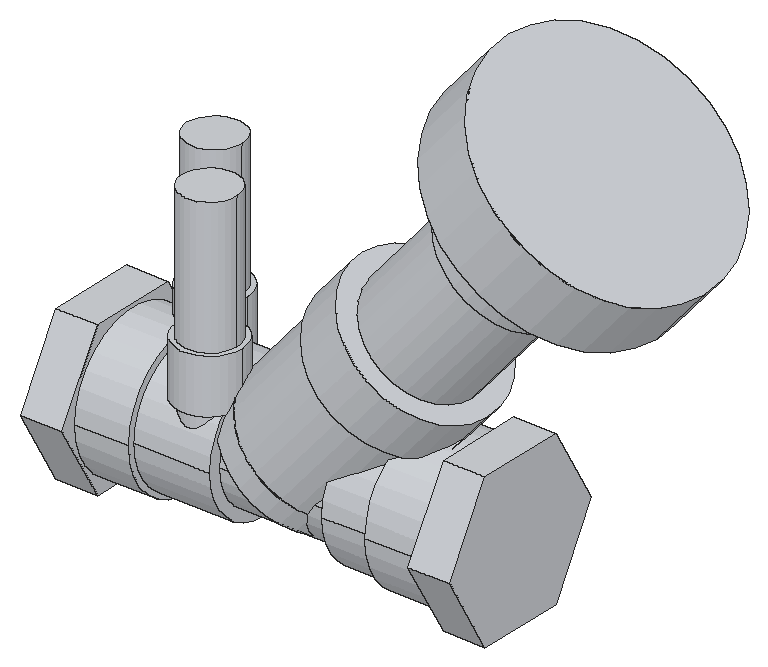
Revit family "D9515-DN32-RFA_2019", category Pipe Accessories, Revit 2019
Family settings
  Round Connector Dimension = Use Diameter
  Part Type = Valve - Breaks Into
  Work Plane-Based = No
  Always vertical = Yes
  Cut with Voids When Loaded = No
  Shared = No
Parameters (values of type "D9515 DN32")
  magiProductId = "dc2d0354abae4200a8eaff76faf524"
  magiProductFamilyId = "2231140663314cd0b01ba8939d6b11"
  magiPartTypeId = 304
  isMeasuringValve [instance] = no
  ang2D [instance] = 0.00°
  W2D = 15 mm
  W21 = 9.3 mm
  VersionID = "2.0/2017.10.31.1/VIR_9515_001"
  Use Minimum Symbol Size [instance] = yes
  URL = "www.hydronix.cz"
  Type Comments = "Ruční vyvažovací ventil s měřením na cloně; PN25; -10~+130°C; (měřicí vsuvky -10~+120°C)"
  RN2 = 20.4 mm
  RN = 24.18 mm
  R7 = 9 mm
  R6 = 7.5 mm
  R3 = 20.15 mm
  R2 = 18.6 mm
  R14 = 20 mm
  R13 = 17 mm
  R12 = 22.165 mm
  R11 = 20.15 mm
  R1 = 15.5 mm
  QmdConnectorList = "301;D;302;D"
  Productdata [instance] = ""
  NUT1 = no
  Manufacturer = "Hydronix"
  MC Product Code = "9515 032 (DN32, PN25; kvs12,54; kvc20,25)"
  MC Piping Given Pressure Drop [instance] = 0.0 Pa
  L_2 = 58.75 mm
  L5 = 2 mm
  L4__ve = -L4  # -21 mm
  L4 = 21 mm
  L3 = 13 mm
  L2__ve = -L2  # -15 mm
  L2D_Min = 3048 mm
  L2D = 87.8 mm
  L22 = 21 mm
  L21 = 7.5 mm
  L2 = 15 mm
  L1__ve = -L1  # -11.4 mm
  L1 = 11.4 mm
  HWR = 35 mm
  H24 = 36.9 mm
  H23 = 14.76 mm
  H22 = 12.25 mm
  H21 = 12.15 mm
  H15 = 20 mm
  H14 = 37.197 mm
  H13 = 9 mm
  H12 = 15 mm
  H11 = 32 mm
  H10 = 7 mm
  Description = "Ruční vyvažovací ventil s měřením na cloně; PN25"
  D = 32 mm
  CenSd_RN_6 = RN * cos(30.00°)  # 20.94 mm
  CenSd_RN2_6 = RN2 * cos(30.00°)  # 17.667 mm
  CAT0 = yes
Types (6, lengths in mm): name | magiProductId | W21 | RN2 | RN | R3 | R2 | R13 | R12 | R11 | R1 | MC Product Code | L_2 | L3 | L2__ve | L2 | L1__ve | L1 | H24 | H23 | H22 | H21 | H14 | H12 | H10 | D | CenSd_RN_6 | CenSd_RN2_6
  D9515 DN15 | "17cbc467cde14417a5a74aa240a316" | 6.75 | 17.55 | 17.55 | 14.625 | 13.5 | 14.625 | 16.087 | 14.625 | 11.25 | "9515 015 (DN15, PN25; kvs1,92; kvc2,80)" | 43.9 | 10 | -12 | 12 | -8 | 8 | 30.9 | 12.36 | 6.725 | 6.625 | 19.088 | 10 | 4 | 15 | 15.199 | 15.199
  D9515 DN20 | "db511cd39f454f418d6e49e6ac0c56" | 7.5 | 19.5 | 19.5 | 16.25 | 15 | 16.25 | 17.875 | 16.25 | 12.5 | "9515 020 (DN20, PN25; kvs3,67; kvc5,33)" | 47.95 | 10 | -12 | 12 | -9 | 9 | 30.9 | 12.36 | 8.35 | 8.25 | 18.088 | 10 | 5 | 20 | 16.887 | 16.887
  D9515 DN25 | "e8aaae3d88cc438088acb51c2ae749" | 8.25 | 21.45 | 21.45 | 17.875 | 16.5 | 17.875 | 19.663 | 17.875 | 13.75 | "9515 025 (DN25, PN25; kvs6,24; kvc9,72)" | 50 | 12 | -14 | 14 | -10 | 10 | 30.9 | 12.36 | 9.975 | 9.875 | 17.088 | 10 | 6 | 25 | 18.576 | 18.576
  D9515 DN32 | "dc2d0354abae4200a8eaff76faf524" | 9.3 | 20.4 | 24.18 | 20.15 | 18.6 | 17 | 22.165 | 20.15 | 15.5 | "9515 032 (DN32, PN25; kvs12,54; kvc20,25)" | 58.75 | 13 | -15 | 15 | -11.4 | 11.4 | 36.9 | 14.76 | 12.25 | 12.15 | 37.197 | 15 | 7 | 32 | 20.94 | 17.667
  D9515 DN40 | "9b6b6dd7761a428fa780a8a57ab3c3" | 10.5 | 20.4 | 27.3 | 22.75 | 21 | 17 | 25.025 | 22.75 | 17.5 | "9515 040 (DN40, PN25; kvs19,59; kvc30,23)" | 63.5 | 14 | -16 | 16 | -13 | 13 | 37.5 | 15 | 14.85 | 14.75 | 38.807 | 15 | 8 | 40 | 23.642 | 17.667
  D9515 DN50 | "6b5b9dd02a164b53a7f96efb176f34" | 12 | 20.4 | 31.2 | 26 | 24 | 17 | 28.6 | 26 | 20 | "9515 050 (DN50, PN25; kvs29,72; kvc55,07)" | 72.65 | 15 | -17 | 17 | -15 | 15 | 40.8 | 16.32 | 18.1 | 18 | 51.167 | 15 | 10 | 50 | 27.02 | 17.667
Reference planes
  plane 1 "Center (Front/Back)": y = 0
  plane 2 "XYPLANE": z = 0
  plane 3 "Center (Left/Right)": x = 0
  plane 4 "329": through (-572.034, 0, 487.453) normal (0.6428, 0, 0.766)
  plane 5 "328": y = -9.3
  plane 6 "327": y = 9.3
  plane 7 "312": through (-551.465, 0, 511.966) normal (0.6428, 0, 0.766)
  plane 8 "176": z = 26.91
  plane 9 "173": z = 12.25
  plane 10 "163": x = -2
  plane 11 "158": x = 19.35
  plane 12 "157": x = 32.35
  plane 13 "154": x = -11.35
  plane 14 "83": z = 27.01
  plane 15 "76": x = -32.35
  plane 16 "73": z = 12.15
  plane 17 "70": z = 0
  plane 18 "69": y = 0
  plane 19 "68": x = -18.85
  plane 20 "60": through (-505.058, 0, 567.272) normal (0.6428, 0, 0.766)
  plane 21 "57": through (-517.913, 0, 551.951) normal (0.6428, 0, 0.766)
  plane 22 "54": through (-541.823, 0, 523.457) normal (0.6428, 0, 0.766)
  plane 23 "32": through (-576.533, 0, 482.091) normal (0.6428, 0, 0.766)
  plane 24 "31": y = 0
  plane 25 "30": through (480.091, 0, 574.533) normal (0.766, 0, -0.6428)
  plane 26 "21": x = -32.35
  plane 27 "20": x = 47.35
  plane 28 "19": x = -47.35
  plane 29 "13": x = 0
  plane 30 "11": x = 58.75
  plane 31 "10": x = -58.75
  plane 32 "9": y = 0
  plane 33 "8": z = 0
  plane 34 "65XY": z = 0
  plane 35 "65XZ": y = 0
  plane 36 "65YZ": x = -2.9
  plane 37 "27XY": through (-576.533, 0, 482.091) normal (0.6428, 0, 0.766)
  plane 38 "27XZ": y = 0
  plane 39 "27YZ": through (480.091, 0, 574.533) normal (0.766, 0, -0.6428)
Forms (mm)
  Extrusion 1, solid, visible <- "CAT0"
    sketch origin (-576.533, 0, 482.091) x (0.766044, 0, -0.642788) y (0, 1, 0)
      loop
        circle (750, 0) r 20.15
    from 0 to 7 <- "H10"
  Extrusion 2, solid
    sketch origin (32.35, -750, 0) x (0, 1, 0) y (0, 0, 1)
      loop
        circle (750, 0) r 20.15
    from 0 to 15 <- "L2"
  Extrusion 3, solid
    sketch origin (19.35, -750, 0) x (0, 1, 0) y (0, 0, 1)
      loop
        circle (750, 0) r 18.6
    from 0 to 13 <- "L3"
  Extrusion 4, solid
    sketch origin (-32.35, -750, 0) x (0, 1, 0) y (0, 0, 1)
      loop
        circle (750, 0) r 20.15
    from 0 to -15 <- "L2__ve"
  Extrusion 5, solid
    sketch origin (-11.35, -750, 0) x (0, 1, 0) y (0, 0, 1)
      loop
        circle (750, 0) r 18.6
    from 0 to -21 <- "L4__ve"
  Extrusion 6, solid
    sketch origin (-572.034, 0, 487.453) x (0.766044, 0, -0.642788) y (0, 1, 0)
      loop
        circle (750, 0) r 20.15
    from 0 to 32 <- "H11"
  Extrusion 7, solid
    sketch origin (-2.9, 750, 26.91) x (0, -1, 0) y (1, 0, 0)
      loop
        circle (740.7, -29.45) r 7.5
    from 0 to 36.9 <- "H24"
  Extrusion 8, solid
    sketch origin (-2.9, 750, 12.15) x (0, -1, 0) y (1, 0, 0)
      loop
        circle (740.7, -29.45) r 9
    from 0 to 14.76 <- "H23"
  Extrusion 9, solid
    sketch origin (-541.823, 0, 523.457) x (0.766044, 0, -0.642788) y (0, 1, 0)
      loop
        circle (750, 0) r 17
    from 0 to 37.197 <- "H14"
  Extrusion 10, solid, visible <- "NUT1"
    sketch origin (-541.823, 0, 523.457) x (0.766044, 0, -0.642788) y (0, 1, 0)
      loop
        line (750, 20.4) -> (732.333, 10.2) -> (732.333, -10.2) -> (750, -20.4) -> (767.667, -10.2) -> (767.667, 10.2) -> (750, 20.4)
    from 0 to 9 <- "H13"
  Blend 11, solid
    base sketch origin (-11.35, -750, 0) x (0, 1, 0) y (0, 0, 1)
      loop
        circle (750, 0) r 15.5
    top sketch origin (-11.35, -750, 0) x (0, 1, 0) y (0, 0, 1)
      loop
        circle (750, 0) r 15.5
    from 0 to 30.7
  Extrusion 12, solid
    sketch origin (-2.9, 750, 0) x (0, -1, 0) y (1, 0, 0)
      loop
        circle (759.3, -15.95) r 7.5
    from 0 to 12.25 <- "H22"
  Extrusion 13, solid
    sketch origin (-2.9, 750, 27.01) x (0, -1, 0) y (1, 0, 0)
      loop
        circle (759.3, -15.95) r 7.5
    from 0 to 36.9 <- "H24"
  Extrusion 14, solid
    sketch origin (-2.9, 750, 0) x (0, -1, 0) y (1, 0, 0)
      loop
        circle (740.7, -29.45) r 7.5
    from 0 to 12.15 <- "H21"
  Extrusion 15, solid
    sketch origin (-2.9, 750, 12.25) x (0, -1, 0) y (1, 0, 0)
      loop
        circle (759.3, -15.95) r 9
    from 0 to 14.76 <- "H23"
  Extrusion 16, solid, visible <- "CAT0"
    sketch origin (-505.058, 0, 567.272) x (0.766044, 0, -0.642788) y (0, 1, 0)
      loop
        circle (750, 0) r 35
    from 0 to 20 <- "H15"
  Extrusion 17, solid
    sketch origin (-517.913, 0, 551.951) x (0.766044, 0, -0.642788) y (0, 1, 0)
      loop
        circle (750, 0) r 20
    from 0 to 20 <- "H15"
  Extrusion 18, solid
    sketch origin (-551.465, 0, 511.966) x (0.766044, 0, -0.642788) y (0, 1, 0)
      loop
        circle (750, 0) r 22.165
    from 0 to 15 <- "H12"
  Extrusion 19, solid
    sketch origin (58.75, -750, 0) x (0, 1, 0) y (0, 0, 1)
      loop
        line (725.82, 0) -> (737.91, -20.94) -> (762.09, -20.94) -> (774.18, 0) -> (762.09, 20.94) -> (737.91, 20.94) -> (725.82, 0)
    from 0 to -11.4 <- "L1__ve"
  Extrusion 20, solid
    sketch origin (-58.75, -750, 0) x (0, 1, 0) y (0, 0, 1)
      loop
        line (774.18, 0) -> (762.09, 20.94) -> (737.91, 20.94) -> (725.82, 0) -> (737.91, -20.94) -> (762.09, -20.94) -> (774.18, 0)
    from 0 to 11.4 <- "L1"
  Extrusion 21, solid, not visible
    sketch origin (58.75, -750, 0) x (0, 1, 0) y (0, 0, 1)
      loop
        circle (750, 0) r 12.55
    from 0 to -10
  Extrusion 22, solid, not visible
    sketch origin (-58.75, -750, 0) x (0, 1, 0) y (0, 0, 1)
      loop
        circle (750, 0) r 12.55
    from 0 to 10
Lines and regions (mm)
  reference lines, not visible
    curve 1: circle (2, 2, 0) r 1 normal (0, 0, 1)
  reference lines
    curve 2: line (32.711, 0, 41.366) -> (38.532, -4.387, 36.482)
    curve 3: line (32.711, 0, 41.366) -> (32.711, -8.775, 41.366)
    curve 4: line (32.711, 0, 41.366) -> (26.889, -4.387, 46.251)
    curve 5: line (58.75, 0, 0) -> (58.75, 4.387, -7.599)
    curve 6: line (58.75, 0, 0) -> (58.75, 8.775, 0)
    curve 7: line (58.75, 0, 0) -> (58.75, 4.387, 7.599)
    curve 8: line (-58.75, 0, 0) -> (-58.75, -4.387, -7.599)
    curve 9: line (-58.75, 0, 0) -> (-58.75, -8.775, 0)
    curve 10: line (-58.75, 0, 0) -> (-58.75, -4.387, 7.599)
Dimensions and locks
  plane 1 "Center (Front/Back)" to curve 1 = 2 mm
  "H10": plane 23 "32" to plane 4 "329"
  "W21": plane 18 "69" to plane 5 "328"
  "W21": plane 18 "69" to plane 6 "327"
  "H11": plane 4 "329" to plane 7 "312"
  "H23": plane 16 "73" to plane 8 "176"
  "H22": plane 17 "70" to plane 9 "173"
  "L5": plane 29 "13" to plane 10 "163"
  "L3": plane 12 "157" to plane 11 "158"
  "L2": plane 27 "20" to plane 12 "157"
  "L4": plane 26 "21" to plane 13 "154"
  "H23": plane 9 "173" to plane 14 "83"
  "L22": plane 13 "154" to plane 15 "76"
  "H21": plane 17 "70" to plane 16 "73"
  locked: plane 33 "8" to plane 17 "70"
  locked: plane 32 "9" to plane 18 "69"
  "L21": plane 13 "154" to plane 19 "68"
  "H15": plane 21 "57" to plane 20 "60"
  "H14": plane 22 "54" to plane 21 "57"
  "H12": plane 7 "312" to plane 22 "54"
  locked: plane 37 "27XY" to plane 23 "32"
  locked: plane 32 "9" to plane 24 "31"
  locked: plane 39 "27YZ" to plane 25 "30"
  "L2": plane 28 "19" to plane 26 "21"
  "L1": plane 30 "11" to plane 27 "20"
  "L1": plane 31 "10" to plane 28 "19"
  locked: plane 3 "Center (Left/Right)" to plane 29 "13"
  "L_2": plane 3 "Center (Left/Right)" to plane 30 "11"
  "L_2": plane 3 "Center (Left/Right)" to plane 31 "10"
  locked: plane 1 "Center (Front/Back)" to plane 32 "9"
  locked: plane 2 "XYPLANE" to plane 33 "8"
  "CenSd_RN2_6": curve 2 to Extrusion 10 sketch curve  (x2)
  "CenSd_RN2_6": curve 3 to Extrusion 10 sketch curve  (x2)
  "CenSd_RN2_6": curve 4 to Extrusion 10 sketch curve  (x2)
  Extrusion 10 sketch curve to Extrusion 10 sketch curve = 0 mm  (x12)
  "CenSd_RN_6": curve 5 to Extrusion 19 sketch curve  (x2)
  "CenSd_RN_6": curve 6 to Extrusion 19 sketch curve  (x2)
  "CenSd_RN_6": curve 7 to Extrusion 19 sketch curve  (x2)
  Extrusion 19 sketch curve to Extrusion 19 sketch curve = 0 mm  (x12)
  "CenSd_RN_6": curve 8 to Extrusion 20 sketch curve  (x2)
  "CenSd_RN_6": curve 9 to Extrusion 20 sketch curve  (x2)
  "CenSd_RN_6": curve 10 to Extrusion 20 sketch curve  (x2)
  Extrusion 20 sketch curve to Extrusion 20 sketch curve = 0 mm  (x12)
  "R11": radius of Extrusion 1 sketch curve
  "R3": radius of Extrusion 2 sketch curve
  "R2": radius of Extrusion 3 sketch curve
  "R3": radius of Extrusion 4 sketch curve
  "R2": radius of Extrusion 5 sketch curve
  "R11": radius of Extrusion 6 sketch curve
  "R6": radius of Extrusion 7 sketch curve
  "R7": radius of Extrusion 8 sketch curve
  "R13": radius of Extrusion 9 sketch curve
  "R1": radius of Blend 11 sketch curve  (x2)
  "R6": radius of Extrusion 12 sketch curve
  "R6": radius of Extrusion 13 sketch curve
  "R6": radius of Extrusion 14 sketch curve
  "R7": radius of Extrusion 15 sketch curve
  "HWR": radius of Extrusion 16 sketch curve
  "R14": radius of Extrusion 17 sketch curve
  "R12": radius of Extrusion 18 sketch curve
  locked: curve 3 to curve 2 (angle 60.00°)
  locked: curve 4 to curve 3 (angle 60.00°)
  locked: curve 4 to curve 2 (angle 120.00°)
  locked: curve 6 to curve 5 (angle 60.00°)
  locked: curve 7 to curve 6 (angle 60.00°)
  locked: curve 7 to curve 5 (angle 120.00°)
  locked: curve 9 to curve 8 (angle 60.00°)
  locked: curve 10 to curve 9 (angle 60.00°)
  locked: curve 10 to curve 8 (angle 120.00°)
  aligned and locked: level to plane 2 "XYPLANE"
  aligned and locked: plane 24 "31" to Extrusion 1 sketch curve
  aligned and locked: Extrusion 1 sketch curve to plane 25 "30"
  aligned and locked: Extrusion 2 sketch curve to plane 32 "9"
  aligned and locked: plane 33 "8" to Extrusion 2 sketch curve
  aligned and locked: Extrusion 3 sketch curve to plane 32 "9"
  aligned and locked: plane 33 "8" to Extrusion 3 sketch curve
  aligned and locked: Extrusion 4 sketch curve to plane 32 "9"
  aligned and locked: plane 33 "8" to Extrusion 4 sketch curve
  aligned and locked: Extrusion 5 sketch curve to plane 32 "9"
  aligned and locked: plane 33 "8" to Extrusion 5 sketch curve
  aligned and locked: plane 24 "31" to Extrusion 6 sketch curve
  aligned and locked: Extrusion 6 sketch curve to plane 25 "30"
  aligned and locked: plane 6 "327" to Extrusion 7 sketch curve
  aligned and locked: plane 15 "76" to Extrusion 7 sketch curve
  aligned and locked: plane 6 "327" to Extrusion 8 sketch curve
  aligned and locked: plane 15 "76" to Extrusion 8 sketch curve
  aligned and locked: plane 24 "31" to Extrusion 9 sketch curve
  aligned and locked: Extrusion 9 sketch curve to plane 25 "30"
  aligned and locked: curve 2 to plane 25 "30"
  aligned and locked: plane 24 "31" to curve 3
  aligned and locked: Blend 11 sketch curve to plane 32 "9"  (x2)
  aligned and locked: plane 33 "8" to Blend 11 sketch curve  (x2)
  aligned and locked: plane 11 "158" to Blend 11
  aligned and locked: plane 5 "328" to Extrusion 12 sketch curve
  aligned and locked: plane 19 "68" to Extrusion 12 sketch curve
  aligned and locked: plane 5 "328" to Extrusion 13 sketch curve
  aligned and locked: plane 19 "68" to Extrusion 13 sketch curve
  aligned and locked: plane 6 "327" to Extrusion 14 sketch curve
  aligned and locked: plane 15 "76" to Extrusion 14 sketch curve
  aligned and locked: plane 5 "328" to Extrusion 15 sketch curve
  aligned and locked: plane 19 "68" to Extrusion 15 sketch curve
  aligned and locked: plane 24 "31" to Extrusion 16 sketch curve
  aligned and locked: Extrusion 16 sketch curve to plane 25 "30"
  aligned and locked: plane 24 "31" to Extrusion 17 sketch curve
  aligned and locked: Extrusion 17 sketch curve to plane 25 "30"
  aligned and locked: plane 24 "31" to Extrusion 18 sketch curve
  aligned and locked: Extrusion 18 sketch curve to plane 25 "30"
  aligned and locked: curve 7 to plane 32 "9"
  aligned and locked: plane 33 "8" to curve 7
  aligned and locked: curve 10 to plane 32 "9"
  aligned and locked: plane 33 "8" to curve 10
  aligned and locked: Extrusion 21 sketch curve to plane 32 "9"
  aligned and locked: plane 33 "8" to Extrusion 21 sketch curve
  aligned and locked: Extrusion 22 sketch curve to plane 32 "9"
  aligned and locked: plane 33 "8" to Extrusion 22 sketch curve
Automatic sketch dimensions
  Extrusion 21 sketch curve to plane 5 "328" = 3.25 mm
  Extrusion 22 sketch curve to plane 5 "328" = 3.25 mm
  plane 3 "Center (Left/Right)" to curve 1 = 2 mm
  radius of curve 1 = 1 mm
Connectors
  piping at (-58.75, 0, 0), diameter 32, driven by "D"
    settings: on Extrusion 22, index 1, connector inside diameter 609.6 mm, connector length 0 mm, flow factor 0, pipe flow 0.0 L/s, pressure drop 0.0 Pa, fitting loss kfactor 0, connector angle 0.00°, fixture units 0, engagement length 0 mm, angle of deflection 0.00°, flow configuration 0, flow direction 0, fitting loss method 0, system type 29, joint type 0, gender type 0, connector reference index 2, connector utility 0, adjustable connector no, is connector primary yes, connector description ""
  piping at (58.75, 0, 0), diameter 32, driven by "D"
    settings: on Extrusion 21, index 2, connector inside diameter 609.6 mm, connector length 0 mm, flow factor 0, pipe flow 0.0 L/s, pressure drop 0.0 Pa, fitting loss kfactor 0, connector angle 0.00°, fixture units 0, engagement length 0 mm, angle of deflection 0.00°, flow configuration 0, flow direction 0, fitting loss method 0, system type 29, joint type 0, gender type 0, connector reference index 1, connector utility 0, adjustable connector no, is connector primary no, connector description ""
